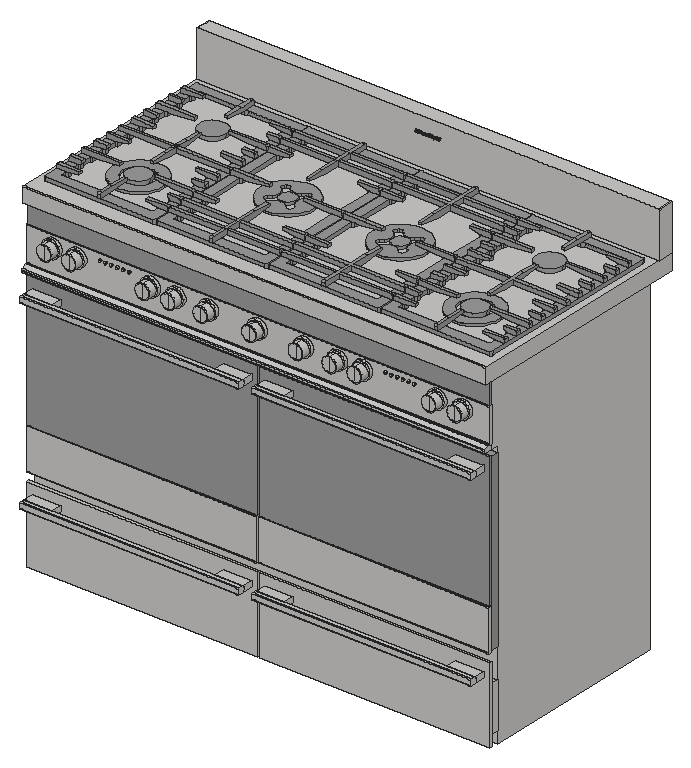
Revit family "Fisher & Paykel Cooker OR120DDWG", category Generic Models, host Floor, Revit 2013 (continued)
Definition of nested family "old_Fisher & Paykel Cooker OR120DDWG"
  Definition of nested family "FP_logo"
    Automatic sketch dimensions
      Extrusion 2 sketch curve to Extrusion 2 sketch curve = 0' - 0.00824"  (x2)
      Extrusion 2 sketch curve to Extrusion 2 sketch curve = 0' - 0.04254"  (x2)
      Extrusion 2 sketch curve to Extrusion 2 sketch curve = 0' - 0.01032"  (x2)
      Extrusion 2 sketch curve to Extrusion 2 sketch curve = 0' - 0.04874"  (x2)
      Extrusion 2 sketch curve to Extrusion 2 sketch curve = 0' - 0.04661"  (x2)
      Extrusion 2 sketch curve to Extrusion 2 sketch curve = 0' - 0.01133"  (x2)
      Extrusion 2 sketch curve to Extrusion 2 sketch curve = 0' - 0.0034"  (x2)
      Extrusion 2 sketch curve to Extrusion 2 sketch curve = 0' - 0.02894"  (x2)
      Extrusion 2 sketch curve to Extrusion 2 sketch curve = 0' - 0.01808"  (x2)
      Extrusion 2 sketch curve to Extrusion 2 sketch curve = 0' - 0.0426"  (x2)
      Extrusion 2 sketch curve to Extrusion 2 sketch curve = 0' - 0.01414"  (x2)
      Extrusion 2 sketch curve to Extrusion 2 sketch curve = 0' - 0.06321"
      Extrusion 2 sketch curve to Extrusion 2 sketch curve = 0' - 0.05712"
      Extrusion 2 sketch curve to plane 1 "Center (Front/Back)" = 0' - 0.17064"  (x2)
      Extrusion 2 sketch curve to Extrusion 2 sketch curve = 0' - 0.05941"
      Extrusion 2 sketch curve to Extrusion 2 sketch curve = 0' - 0.06351"
      Extrusion 2 sketch curve to plane 1 "Center (Front/Back)" = 0' - 0.09023"
      Extrusion 2 sketch curve to Extrusion 2 sketch curve = 0' - 0.03607"
      Extrusion 2 sketch curve to Extrusion 2 sketch curve = 0' - 0.05122"
      Extrusion 2 sketch curve to plane 1 "Center (Front/Back)" = 0' - 0.10416"
      Extrusion 2 sketch curve to Extrusion 2 sketch curve = 0' - 0.05208"
      Extrusion 2 sketch curve to plane 1 "Center (Front/Back)" = 0' - 0.07561"
      Extrusion 2 sketch curve to Extrusion 2 sketch curve = 0' - 0 1/128"  (x2)
      Extrusion 2 sketch curve to Extrusion 2 sketch curve = 0' - 0.0516"  (x2)
      Extrusion 2 sketch curve to Extrusion 2 sketch curve = 0' - 0.02007"
      Extrusion 2 sketch curve to Extrusion 2 sketch curve = 0' - 0 1/32"
      Extrusion 2 sketch curve to Extrusion 2 sketch curve = 0' - 0.05346"
      plane 1 "Center (Front/Back)" to Extrusion 2 sketch curve = 0' - 0.01063"
      Extrusion 2 sketch curve to Extrusion 2 sketch curve = 0' - 0.07055"
      Extrusion 2 sketch curve to plane 1 "Center (Front/Back)" = 0' - 0.02667"
      Extrusion 2 sketch curve to Extrusion 2 sketch curve = 0' - 0.0293"  (x2)
      Extrusion 2 sketch curve to Extrusion 2 sketch curve = 0' - 0.01217"
      Extrusion 2 sketch curve to Extrusion 2 sketch curve = 0' - 0.09462"
      Extrusion 2 sketch curve to Extrusion 2 sketch curve = 0' - 0.03259"
      Extrusion 2 sketch curve to Extrusion 2 sketch curve = 0' - 0.02314"
      Extrusion 2 sketch curve to Extrusion 2 sketch curve = 0' - 0.0548"
      Extrusion 2 sketch curve to Extrusion 2 sketch curve = 0' - 0.00938"
      Extrusion 2 sketch curve to Extrusion 2 sketch curve = 0' - 0.03835"
      Extrusion 2 sketch curve to Extrusion 2 sketch curve = 0' - 0.01373"
      plane 1 "Center (Front/Back)" to Extrusion 2 sketch curve = 0' - 0.0749"
      Extrusion 2 sketch curve to Extrusion 2 sketch curve = 0' - 0.00823"
      Extrusion 2 sketch curve to Extrusion 2 sketch curve = 0' - 0.03398"
      Extrusion 2 sketch curve to Extrusion 2 sketch curve = 0' - 0"  (x9)
      Extrusion 2 sketch curve to Extrusion 2 sketch curve = 0' - 0.03553"
      Extrusion 2 sketch curve to Extrusion 2 sketch curve = 0' - 0.01188"
      Extrusion 2 sketch curve to plane 1 "Center (Front/Back)" = 0' - 0.1152"
      Extrusion 2 sketch curve to Extrusion 2 sketch curve = 0' - 0.01918"
      Extrusion 2 sketch curve to plane 1 "Center (Front/Back)" = 0' - 0.08453"
      Extrusion 2 sketch curve to Extrusion 2 sketch curve = 0' - 0.00818"
      Extrusion 2 sketch curve to Extrusion 2 sketch curve = 0' - 0.01226"  (x2)
      Extrusion 2 sketch curve to Extrusion 2 sketch curve = 0' - 0.01556"
      Extrusion 2 sketch curve to plane 1 "Center (Front/Back)" = 0' - 0.02274"
      Extrusion 2 sketch curve to Extrusion 2 sketch curve = 0' - 0.04228"
      plane 1 "Center (Front/Back)" to Extrusion 2 sketch curve = 0' - 0.02633"
      Extrusion 2 sketch curve to Extrusion 2 sketch curve = 0' - 0.01254"
      Extrusion 2 sketch curve to plane 1 "Center (Front/Back)" = 0' - 0.01517"
      Extrusion 2 sketch curve to Extrusion 2 sketch curve = 0' - 0.01465"
      plane 1 "Center (Front/Back)" to Extrusion 2 sketch curve = 0' - 0.00253"
      Extrusion 2 sketch curve to Extrusion 2 sketch curve = 0' - 0.00304"
      Extrusion 2 sketch curve to Extrusion 2 sketch curve = 0' - 0.03849"
      Extrusion 2 sketch curve to Extrusion 2 sketch curve = 0' - 0.01176"
      Extrusion 2 sketch curve to Extrusion 2 sketch curve = 0' - 0.02441"
      plane 1 "Center (Front/Back)" to Extrusion 2 sketch curve = 0' - 0.00297"
      Extrusion 2 sketch curve to Extrusion 2 sketch curve = 0' - 0.0357"
      Extrusion 2 sketch curve to Extrusion 2 sketch curve = 0' - 0.02279"
      Extrusion 2 sketch curve to Extrusion 2 sketch curve = 0' - 0.02548"
      Extrusion 2 sketch curve to Extrusion 2 sketch curve = 0' - 0.01636"
      Extrusion 2 sketch curve to Extrusion 2 sketch curve = 0' - 0.04558"
      Extrusion 2 sketch curve to Extrusion 2 sketch curve = 0' - 0.00605"
      Extrusion 2 sketch curve to Extrusion 2 sketch curve = 0' - 0.04047"
      Extrusion 2 sketch curve to Extrusion 2 sketch curve = 0' - 0.00496"
      Extrusion 2 sketch curve to Extrusion 2 sketch curve = 0' - 0.03568"
      Extrusion 2 sketch curve to Extrusion 2 sketch curve = 0' - 0.01329"
      Extrusion 2 sketch curve to Extrusion 2 sketch curve = 0' - 0.05706"
      Extrusion 2 sketch curve to plane 1 "Center (Front/Back)" = 0' - 0.17058"
      Extrusion 2 sketch curve to Extrusion 2 sketch curve = 0' - 0.00654"
      Extrusion 2 sketch curve to Extrusion 2 sketch curve = 0' - 0.00942"
      Extrusion 2 sketch curve to plane 1 "Center (Front/Back)" = 0' - 0.13253"
      Extrusion 2 sketch curve to Extrusion 2 sketch curve = 0' - 0.01385"
      Extrusion 2 sketch curve to Extrusion 2 sketch curve = 0' - 0.03444"  (x2)
      Extrusion 2 sketch curve to Extrusion 2 sketch curve = 0' - 0.03638"
      Extrusion 2 sketch curve to Extrusion 2 sketch curve = 0' - 0.00858"
      Extrusion 2 sketch curve to Extrusion 2 sketch curve = 0' - 0.05783"
      Extrusion 2 sketch curve to Extrusion 2 sketch curve = 0' - 0.02085"
      Extrusion 2 sketch curve to Extrusion 2 sketch curve = 0' - 0.08069"
      Extrusion 2 sketch curve to plane 1 "Center (Front/Back)" = 0' - 0.07855"
      Extrusion 2 sketch curve to Extrusion 2 sketch curve = 0' - 0.01053"
      Extrusion 2 sketch curve to Extrusion 2 sketch curve = 0' - 0.02716"
      Extrusion 2 sketch curve to Extrusion 2 sketch curve = 0' - 0.02103"
      Extrusion 2 sketch curve to Extrusion 2 sketch curve = 0' - 0.05845"
      Extrusion 2 sketch curve to plane 1 "Center (Front/Back)" = 0' - 0.0189"
      Extrusion 2 sketch curve to Extrusion 2 sketch curve = 0' - 0.01245"
      Extrusion 2 sketch curve to Extrusion 2 sketch curve = 0' - 0.02459"
      plane 3 "Center (Left/Right)" to Extrusion 2 sketch curve = 0' - 0.07373"
      plane 3 "Center (Left/Right)" to Extrusion 2 sketch curve = 0' - 0.06992"
      Extrusion 2 sketch curve to plane 1 "Center (Front/Back)" = 0' - 0.0487"
      Extrusion 2 sketch curve to Extrusion 2 sketch curve = 0' - 0.01505"
      Extrusion 2 sketch curve to Extrusion 2 sketch curve = 0' - 0.02293"  (x2)
      Extrusion 2 sketch curve to Extrusion 2 sketch curve = 0' - 0.03079"
      Extrusion 2 sketch curve to Extrusion 2 sketch curve = 0' - 0.01616"
      Extrusion 2 sketch curve to Extrusion 2 sketch curve = 0' - 0.00638"
      Extrusion 2 sketch curve to Extrusion 2 sketch curve = 0' - 0.02375"
      Extrusion 2 sketch curve to Extrusion 2 sketch curve = 0' - 0.00577"
      Extrusion 2 sketch curve to Extrusion 2 sketch curve = 0' - 0.0118"
      plane 3 "Center (Left/Right)" to Extrusion 2 sketch curve = 0' - 0.02245"
      plane 3 "Center (Left/Right)" to Extrusion 2 sketch curve = 0' - 0.01283"
      plane 3 "Center (Left/Right)" to Extrusion 2 sketch curve = 0' - 0.00856"
      Extrusion 2 sketch curve to plane 3 "Center (Left/Right)" = 0' - 0.00347"
      Extrusion 2 sketch curve to plane 3 "Center (Left/Right)" = 0' - 0.00536"
      Extrusion 2 sketch curve to plane 3 "Center (Left/Right)" = 0' - 0.01449"
      Extrusion 2 sketch curve to plane 3 "Center (Left/Right)" = 0' - 0.02958"
      Extrusion 2 sketch curve to plane 3 "Center (Left/Right)" = 0' - 0.03013"
      Extrusion 2 sketch curve to Extrusion 2 sketch curve = 0' - 0.0008"
      Extrusion 2 sketch curve to plane 3 "Center (Left/Right)" = 0' - 0.0379"
      Extrusion 2 sketch curve to plane 3 "Center (Left/Right)" = 0' - 0.03816"
      Extrusion 2 sketch curve to Extrusion 2 sketch curve = 0' - 0.00164"
      Extrusion 2 sketch curve to Extrusion 2 sketch curve = 0' - 0.00414"
      Extrusion 2 sketch curve to Extrusion 2 sketch curve = 0' - 0.01513"
      Extrusion 2 sketch curve to Extrusion 2 sketch curve = 0' - 0.0144"
      Extrusion 2 sketch curve to Extrusion 2 sketch curve = 0' - 0.02011"
      Extrusion 2 sketch curve to Extrusion 2 sketch curve = 0' - 0.0011"
      Extrusion 2 sketch curve to Extrusion 2 sketch curve = 0' - 0.03682"
      Extrusion 2 sketch curve to Extrusion 2 sketch curve = 0' - 0.02096"
      Extrusion 2 sketch curve to Extrusion 2 sketch curve = 0' - 0.00022"
      Extrusion 2 sketch curve to Extrusion 2 sketch curve = 0' - 0.00336"
      Extrusion 2 sketch curve to Extrusion 2 sketch curve = 0' - 0.01593"
      Extrusion 2 sketch curve to Extrusion 2 sketch curve = 0' - 0.0131"
      Extrusion 2 sketch curve to plane 1 "Center (Front/Back)" = 0' - 0.01794"
      Extrusion 2 sketch curve to Extrusion 2 sketch curve = 0' - 0.01321"
      Extrusion 2 sketch curve to Extrusion 2 sketch curve = 0' - 0.02824"
      Extrusion 2 sketch curve to Extrusion 2 sketch curve = 0' - 0.00333"
      Extrusion 2 sketch curve to Extrusion 2 sketch curve = 0' - 0.02652"
      Extrusion 2 sketch curve to Extrusion 2 sketch curve = 0' - 0.01195"
      Extrusion 2 sketch curve to Extrusion 2 sketch curve = 0' - 0.01659"
      Extrusion 2 sketch curve to Extrusion 2 sketch curve = 0' - 0.00679"
      Extrusion 2 sketch curve to Extrusion 2 sketch curve = 0' - 0.04146"
      Extrusion 2 sketch curve to Extrusion 2 sketch curve = 0' - 0.00697"
      Extrusion 2 sketch curve to Extrusion 2 sketch curve = 0' - 0.00248"
      Extrusion 2 sketch curve to Extrusion 2 sketch curve = 0' - 0.03233"
      Extrusion 2 sketch curve to Extrusion 2 sketch curve = 0' - 0.04371"
      Extrusion 2 sketch curve to plane 1 "Center (Front/Back)" = 0' - 0.14172"
      Extrusion 2 sketch curve to Extrusion 2 sketch curve = 0' - 0.01169"
      Extrusion 2 sketch curve to Extrusion 2 sketch curve = 0' - 0.03258"
      Extrusion 2 sketch curve to Extrusion 2 sketch curve = 0' - 0.02644"
      Extrusion 2 sketch curve to Extrusion 2 sketch curve = 0' - 0.03995"
      Extrusion 2 sketch curve to Extrusion 2 sketch curve = 0' - 0.03715"
      Extrusion 2 sketch curve to Extrusion 2 sketch curve = 0' - 0.0517"
      Extrusion 2 sketch curve to plane 1 "Center (Front/Back)" = 0' - 0 7/128"
      Extrusion 2 sketch curve to plane 1 "Center (Front/Back)" = 0' - 0.11613"
      Extrusion 2 sketch curve to Extrusion 2 sketch curve = 0' - 0.05475"
      Extrusion 2 sketch curve to Extrusion 2 sketch curve = 0' - 0.09225"
      Extrusion 2 sketch curve to Extrusion 2 sketch curve = 0' - 0.031"
      Extrusion 2 sketch curve to Extrusion 2 sketch curve = 0' - 0.01985"
      Extrusion 2 sketch curve to Extrusion 2 sketch curve = 0' - 0.01368"  (x2)
      Extrusion 2 sketch curve to Extrusion 2 sketch curve = 0' - 0.05163"  (x4)
      Extrusion 2 sketch curve to Extrusion 2 sketch curve = 0' - 0.0289"
      Extrusion 2 sketch curve to Extrusion 2 sketch curve = 0' - 0.07555"
      Extrusion 2 sketch curve to Extrusion 2 sketch curve = 0' - 0.04004"
      Extrusion 2 sketch curve to plane 1 "Center (Front/Back)" = 0' - 0.10944"
      Extrusion 2 sketch curve to Extrusion 2 sketch curve = 0' - 0.0088"
      Extrusion 2 sketch curve to Extrusion 2 sketch curve = 0' - 0.08908"
      Extrusion 2 sketch curve to Extrusion 2 sketch curve = 0' - 0.07344"
      Extrusion 2 sketch curve to Extrusion 2 sketch curve = 0' - 0.00366"
      Extrusion 2 sketch curve to Extrusion 2 sketch curve = 0' - 0.02592"
      Extrusion 2 sketch curve to Extrusion 2 sketch curve = 0' - 0.02794"
      Extrusion 2 sketch curve to Extrusion 2 sketch curve = 0' - 0.01031"
      Extrusion 2 sketch curve to Extrusion 2 sketch curve = 0' - 0.0014"
      Extrusion 2 sketch curve to Extrusion 2 sketch curve = 0' - 0.01159"
      Extrusion 2 sketch curve to plane 1 "Center (Front/Back)" = 0' - 0.00453"  (x2)
      Extrusion 2 sketch curve to Extrusion 2 sketch curve = 0' - 0.05213"
      plane 1 "Center (Front/Back)" to Extrusion 2 sketch curve = 0' - 0.01285"
      Extrusion 2 sketch curve to Extrusion 2 sketch curve = 0' - 0.01956"
      Extrusion 2 sketch curve to Extrusion 2 sketch curve = 0' - 0.04677"
      Extrusion 2 sketch curve to Extrusion 2 sketch curve = 0' - 0.00037"
      Extrusion 2 sketch curve to Extrusion 2 sketch curve = 0' - 0.00455"
      Extrusion 2 sketch curve to Extrusion 2 sketch curve = 0' - 0.00792"
      Extrusion 2 sketch curve to Extrusion 2 sketch curve = 0' - 0.02651"
      Extrusion 2 sketch curve to Extrusion 2 sketch curve = 0' - 0.00074"
      Extrusion 2 sketch curve to Extrusion 2 sketch curve = 0' - 0.09967"
      Extrusion 2 sketch curve to Extrusion 2 sketch curve = 0' - 0.00652"
      Extrusion 2 sketch curve to Extrusion 2 sketch curve = 0' - 0.04021"
      Extrusion 2 sketch curve to Extrusion 2 sketch curve = 0' - 0.0018"
      Extrusion 2 sketch curve to Extrusion 2 sketch curve = 0' - 0.01647"
      Extrusion 2 sketch curve to Extrusion 2 sketch curve = 0' - 0.01631"
      Extrusion 2 sketch curve to plane 1 "Center (Front/Back)" = 0' - 0.04821"
      Extrusion 2 sketch curve to Extrusion 2 sketch curve = 0' - 0.02157"
      Extrusion 2 sketch curve to plane 1 "Center (Front/Back)" = 0' - 0.0734"
      Extrusion 2 sketch curve to Extrusion 2 sketch curve = 0' - 0.0003"
      Extrusion 2 sketch curve to Extrusion 2 sketch curve = 0' - 0.04761"
      Extrusion 2 sketch curve to Extrusion 2 sketch curve = 0' - 0.01966"
      Extrusion 2 sketch curve to Extrusion 2 sketch curve = 0' - 0.00957"
      Extrusion 2 sketch curve to Extrusion 2 sketch curve = 0' - 0.0318"
      Extrusion 2 sketch curve to Extrusion 2 sketch curve = 0' - 0.01005"
      Extrusion 2 sketch curve to plane 1 "Center (Front/Back)" = 0' - 0.04897"
      Extrusion 2 sketch curve to Extrusion 2 sketch curve = 0' - 0.03332"
      Extrusion 2 sketch curve to Extrusion 2 sketch curve = 0' - 0.0096"
      Extrusion 2 sketch curve to Extrusion 2 sketch curve = 0' - 0.04636"
      Extrusion 2 sketch curve to Extrusion 2 sketch curve = 0' - 0.01668"
      Extrusion 2 sketch curve to Extrusion 2 sketch curve = 0' - 0.01008"
      Extrusion 2 sketch curve to Extrusion 2 sketch curve = 0' - 0.01757"
      Extrusion 2 sketch curve to Extrusion 2 sketch curve = 0' - 0.0322"
      Extrusion 2 sketch curve to Extrusion 2 sketch curve = 0' - 0.01047"
      Extrusion 2 sketch curve to plane 4 = 0' - 0.1045"
      Extrusion 2 sketch curve to Extrusion 2 sketch curve = 0' - 0.01741"
      Extrusion 2 sketch curve to Extrusion 2 sketch curve = 0' - 0.0105"
      Extrusion 2 sketch curve to plane 4 = 0' - 0.05652"
      Extrusion 2 sketch curve to plane 4 = 0' - 0.05011"
      plane 4 to Extrusion 2 sketch curve = 0' - 0.0084"
      Extrusion 2 sketch curve to Extrusion 2 sketch curve = 0' - 0.02993"
      plane 1 "Center (Front/Back)" to Extrusion 2 sketch curve = 0' - 0.01188"
      Extrusion 2 sketch curve to plane 1 "Center (Front/Back)" = 0' - 0.02698"
      Extrusion 2 sketch curve to plane 1 "Center (Front/Back)" = 0' - 0.02716"
      Extrusion 2 sketch curve to Extrusion 2 sketch curve = 0' - 0.02376"
      Extrusion 2 sketch curve to Extrusion 2 sketch curve = 0' - 0.02444"
      Extrusion 2 sketch curve to Extrusion 2 sketch curve = 0' - 0.01565"
      Extrusion 2 sketch curve to Extrusion 2 sketch curve = 0' - 0.00003"
      Extrusion 2 sketch curve to Extrusion 2 sketch curve = 0' - 0.02187"
      Extrusion 2 sketch curve to Extrusion 2 sketch curve = 0' - 0.00512"  (x2)
      Extrusion 2 sketch curve to plane 1 "Center (Front/Back)" = 0' - 0.04957"
      Extrusion 2 sketch curve to plane 1 "Center (Front/Back)" = 0' - 0.053"
      Extrusion 2 sketch curve to Extrusion 2 sketch curve = 0' - 0.01194"
      Extrusion 2 sketch curve to Extrusion 2 sketch curve = 0' - 0.02359"
      Extrusion 2 sketch curve to Extrusion 2 sketch curve = 0' - 0.01272"
      Extrusion 2 sketch curve to Extrusion 2 sketch curve = 0' - 0.01493"
      Extrusion 2 sketch curve to Extrusion 2 sketch curve = 0' - 0.02537"
      Extrusion 2 sketch curve to Extrusion 2 sketch curve = 0' - 0.03779"  (x2)
      Extrusion 2 sketch curve to Extrusion 2 sketch curve = 0' - 0.00527"  (x2)
      Extrusion 2 sketch curve to Extrusion 2 sketch curve = 0' - 0.00049"
      Extrusion 2 sketch curve to Extrusion 2 sketch curve = 0' - 0.00291"
      Extrusion 2 sketch curve to Extrusion 2 sketch curve = 0' - 0.00717"
      Extrusion 2 sketch curve to Extrusion 2 sketch curve = 0' - 0.01827"
      Extrusion 2 sketch curve to Extrusion 2 sketch curve = 0' - 0.01275"  (x2)
      Extrusion 2 sketch curve to Extrusion 2 sketch curve = 0' - 0.00505"
      Extrusion 2 sketch curve to Extrusion 2 sketch curve = 0' - 0.02991"
      Extrusion 2 sketch curve to Extrusion 2 sketch curve = 0' - 0.05115"
      Extrusion 2 sketch curve to Extrusion 2 sketch curve = 0' - 0.04127"
      Extrusion 2 sketch curve to Extrusion 2 sketch curve = 0' - 0.00006"
      Extrusion 2 sketch curve to Extrusion 2 sketch curve = 0' - 0.02471"
      Extrusion 2 sketch curve to Extrusion 2 sketch curve = 0' - 0.02554"
      Extrusion 2 sketch curve to Extrusion 2 sketch curve = 0' - 0.01671"
      Extrusion 2 sketch curve to Extrusion 2 sketch curve = 0' - 0.00399"
      Extrusion 2 sketch curve to Extrusion 2 sketch curve = 0' - 0.0402"
      Extrusion 2 sketch curve to Extrusion 2 sketch curve = 0' - 0.01312"
      Extrusion 2 sketch curve to Extrusion 2 sketch curve = 0' - 0.01464"
      Extrusion 2 sketch curve to Extrusion 2 sketch curve = 0' - 0.01257"
      Extrusion 2 sketch curve to Extrusion 2 sketch curve = 0' - 0.0387"
      Extrusion 2 sketch curve to Extrusion 2 sketch curve = 0' - 0.0421"
      Extrusion 2 sketch curve to Extrusion 2 sketch curve = 0' - 0.00287"
      Extrusion 2 sketch curve to Extrusion 2 sketch curve = 0' - 0.02138"
      Extrusion 2 sketch curve to Extrusion 2 sketch curve = 0' - 0.06648"
      Extrusion 2 sketch curve to Extrusion 2 sketch curve = 0' - 0.03182"
      Extrusion 2 sketch curve to Extrusion 2 sketch curve = 0' - 0.02892"
      Extrusion 2 sketch curve to Extrusion 2 sketch curve = 0' - 0.01287"
      Extrusion 2 sketch curve to Extrusion 2 sketch curve = 0' - 0.0662"
      Extrusion 2 sketch curve to Extrusion 2 sketch curve = 0' - 0.03438"
      Extrusion 2 sketch curve to Extrusion 2 sketch curve = 0' - 0.00368"
      Extrusion 2 sketch curve to Extrusion 2 sketch curve = 0' - 0.03502"
      Extrusion 2 sketch curve to Extrusion 2 sketch curve = 0' - 0.11562"
      Extrusion 2 sketch curve to Extrusion 2 sketch curve = 0' - 0.07308"
      Extrusion 2 sketch curve to Extrusion 2 sketch curve = 0' - 0.10118"
      Extrusion 2 sketch curve to Extrusion 2 sketch curve = 0' - 0.05606"
